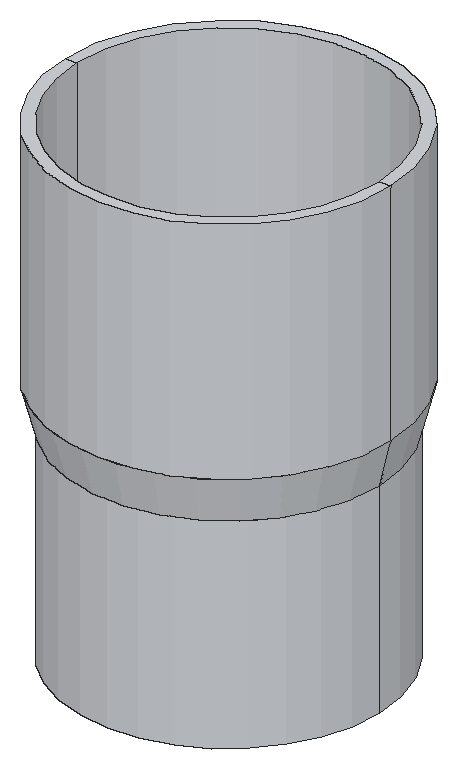
Revit family "FA3G", category Generic Models, Revit 2017
Family settings
  Can host rebar = No
  Round Connector Dimension = Use Diameter
  Part Type = Normal
  Work Plane-Based = Yes
  Always vertical = No
  Cut with Voids When Loaded = No
  Shared = No
  Room Calculation Point = No
Parameters (values of type "NBS Standard Parameters")
  Weight = "0.0403Kg"
  WarrantyStartDate [instance] = "1900-12-31T23:59:59"
  WarrantyGuarantorParts = "n/a"
  WarrantyGuarantorLabor = "n/a"
  WarrantyDurationUnit = "1 year"
  WarrantyDurationParts = "n/a"
  WarrantyDurationLabor = "n/a"
  WarrantyDescription = "n/a"
  Version = "1"
  Uniclass2 = "Pr_65_70_11_20"
  TagNumber [instance] = "n/a"
  SustainabilityPerformance = "n/a"
  Size = "25mm (Male)"
  Shape = "Circular"
  SerialNumber [instance] = "n/a"
  Revision = "n/a"
  ReplacementCost = "n/a"
  ProductInformation = "www.metpro.co.uk/pdf/fa3g.pdf"
  NominalWidth = 28 mm
  NominalLength = 28 mm
  NominalHeight = 42 mm
  Name = ""
  NBSTypeID = ""
  NBSReference = "90-55-10/460"
  NBSOfficeMasterTag = ""
  NBSNote = ""
  NBSDescription = "Conduit Fittings"
  NBSCertification = ""
  ModelReference = "FA3G"
  ModelNumber = "n/a"
  Material = "Steel"
  ManufacturerURL = "www.metpro.co.uk"
  ManufacturerName = "Metpro Ltd"
  Keynote = "Compliant to LU Standard 1-085"
  InstallationDate [instance] = "1900-12-31T23:59:59"
  IfcExportType = ""
  IfcExportAs = ""
  Grade = "n/a"
  Finish = "Galvanised"
  Features = "n/a"
  ExpectedLife = "n/a"
  DurationUnit = "year"
  Description = "FA3G 25mm Male - 1\" Female conduit Adaptor"
  Default Elevation = 1219.2 mm
  Constituents = "n/a"
  Color = "n/a"
  CodePerformance = "n/a"
  Category = "n/a"
  BarCode [instance] = "n/a"
  BIMObjectName = "Metpro_Metprolibrary_conduitfittings_metalcomponent_steelaccessories"
  Author = "Metpro Limited"
  AssetType = ""
  AssetIdentifier [instance] = "n/a"
  AccessibilityPerformance = "n/a"
Reference planes
  plane 1 "Center (Front/Back)": y = 0
  plane 2: z = 0
  plane 3 "Center (Left/Right)": x = 0
Forms (mm)
  Revolve 1, solid
    sketch origin (-11.449, -14.963, 29.193) x (0, 0, -1) y (1, 0, 0)
      loop
        line (-13.226, -4.348) -> (-13.226, -5.381) -> (6.774, -5.381) -> (10.262, -6.315) -> (28.774, -6.315) -> (28.774, -5.381) -> (10.783, -5.381) -> (6.929, -4.348) -> (-13.226, -4.348)
      axis (-13.226, -18.702) -> (28.774, -18.702)
    angle from 0 to 360
Dimensions and locks
  aligned and locked: level to plane 2
  aligned and locked: Revolve 1 sketch curve to Revolve 1 sketch curve
